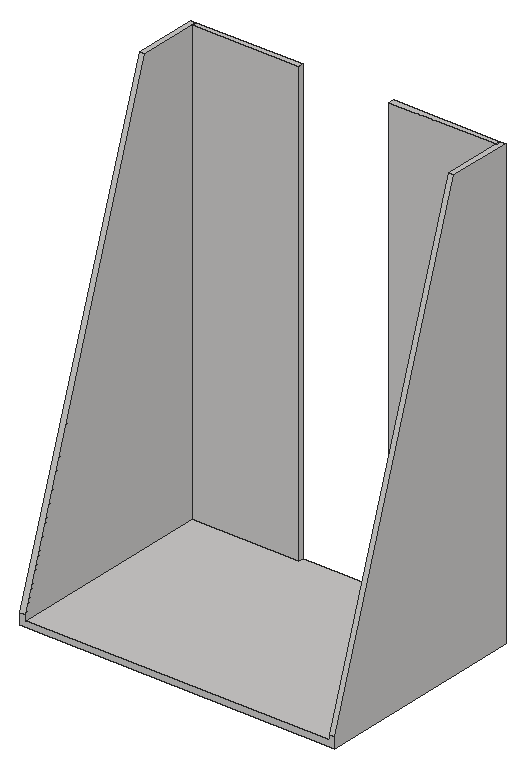
Revit family "050523 - Metal fastenings - Joist Hanger - Simpson - HUC", category Generic Models, Revit 2020
Family settings
  Can host rebar = No
  Round Connector Dimension = Use Diameter
  Part Type = Normal
  Work Plane-Based = Yes
  Always vertical = Yes
  Cut with Voids When Loaded = No
  Shared = No
  Room Calculation Point = No
Parameters (values of type "HUC46")
  W = 0' - 3 9/16"
  Top Hanger Flange - Visibility = no
  Outside Flange - Visibility = no
  Material = SIMPSON HUC46 JOIST HANGER WITH CONCEALED FLANGES
  Inside Flange - Visibility = yes
  Top Hanger Depth = 0' - 7"
  H = 0' - 5 3/16"
  Flange - Outside - Width = 0' - 1 3/4"
  Flange - Inside - Width = 0' - 1 1/4"
  Default Elevation = 4' - 0"
  B = 0' - 2 1/2"
Types (4): name | W | Top Hanger Flange - Visibility | Outside Flange - Visibility | Material | Inside Flange - Visibility | Top Hanger Depth | H | Flange - Outside - Width | Flange - Inside - Width | B
  HUC46 | 0' - 3 9/16" | no | no | SIMPSON HUC46 JOIST HANGER WITH CONCEALED FLANGES | yes | 0' - 7" | 0' - 5 3/16" | 0' - 1 3/4" | 0' - 1 1/4" | 0' - 2 1/2"
  DHU3.56/18TF | 0' - 3 9/16" | yes | yes | SIMPSON HUC46 JOIST HANGER WITH CONCEALED FLANGES | no | 0' - 3 15/16" | 1' - 5 15/16" | 0' - 2 3/16" | 0' - 1" | 0' - 2 1/2"
  HUCQ1.81/11-SDS | 0' - 1 13/16" | no | no | SIMPSON HUCQ1.81/11-SDS W/ CONCEALED FLANGES | yes | 0' - 7" | 0' - 11" | 0' - 1 3/4" | 0' - 1 1/4" | 0' - 3"
  HUCQ1.81/9-SDS | 0' - 1 13/16" | no | no | SIMPSON HUC46 JOIST HANGER WITH CONCEALED FLANGES | yes | 0' - 7" | 0' - 9" | 0' - 1 3/4" | 0' - 1 1/4" | 0' - 3"
Reference planes (in)
  plane 1 "Center (Front/Back)": y = 0
  plane 2: z = 0
  plane 3 "Center (Left/Right)": x = 0
  plane 4 "TOP BEARING": z = 5.1875
  plane 5: x = -1.78125
  plane 6: x = 1.78125
  plane 7: y = -2.5
  plane 8: x = -0.53125
  plane 9: x = 0.53125
  plane 10: y = 7
  plane 11: x = 3.53125
  plane 12: x = -3.53125
Forms (in)
  Extrusion 1, solid, material "SIMPSON HUC46 JOIST HANGER WITH CONCEALED FLANGES" <- "Material"
    sketch origin (1.78125, 6.55164, 48) x (0, 1, 0) y (0, 0, 1)
      loop
        line (-6.55164, -42.8125) -> (-7.30164, -42.8125) -> (-9.05164, -47.9375) -> (-9.05164, -48.0625) -> (-6.55164, -48.0625) -> (-6.55164, -42.8125)
    from 0.0625 to 0
  Extrusion 2, solid, material "SIMPSON HUC46 JOIST HANGER WITH CONCEALED FLANGES" <- "Material"
    sketch origin (-1.78125, 0, 0) x (0, 1, 0) y (-1, 0, 0)
      loop
        line (-2.5, 0) -> (-2.5, -3.5625) -> (0, -3.5625) -> (0, 0) -> (-2.5, 0)
    from 0 to -0.0625
  Extrusion 3, solid, material "SIMPSON HUC46 JOIST HANGER WITH CONCEALED FLANGES" <- "Material", visible <- "Inside Flange - Visibility"
    sketch origin (0, 0, 0) x (1, 0, 0) y (0, 0, 1)
      loop
        line (-1.78125, 5.1875) -> (-1.78125, 0) -> (-0.53125, 0) -> (-0.53125, 5.1875) -> (-1.78125, 5.1875)
    from 0.0625 to 0
  Extrusion 4, solid, material "SIMPSON HUC46 JOIST HANGER WITH CONCEALED FLANGES" <- "Material", visible <- "Inside Flange - Visibility"
    sketch origin (0, 0, 0) x (1, 0, 0) y (0, 0, 1)
      loop
        line (1.78125, 5.1875) -> (0.53125, 5.1875) -> (0.53125, 0) -> (1.78125, 0) -> (1.78125, 5.1875)
    from 0.0625 to 0
  Extrusion 5, solid, material "SIMPSON HUC46 JOIST HANGER WITH CONCEALED FLANGES" <- "Material"
    sketch origin (-1.78125, 6.91604, 48) x (0, 1, 0) y (0, 0, 1)
      loop
        line (-6.91604, -42.8125) -> (-7.66604, -42.8125) -> (-9.41604, -47.9375) -> (-9.41604, -48.0625) -> (-6.91604, -48.0625) -> (-6.91604, -42.8125)
    from -0.0625 to 0
  Extrusion 6, solid, material "SIMPSON HUC46 JOIST HANGER WITH CONCEALED FLANGES" <- "Material", visible <- "Top Hanger Flange - Visibility"
    sketch origin (-5.8794, -180, 5.1875) x (-1, 0, 0) y (0, -1, 0)
      loop
        line (-4.09815, -179.9375) -> (-4.09815, -187) -> (-2.34815, -187) -> (-2.34815, -179.9375) -> (-4.09815, -179.9375)
    from 0 to 0.0625
  Extrusion 7, solid, material "SIMPSON HUC46 JOIST HANGER WITH CONCEALED FLANGES" <- "Material", visible <- "Top Hanger Flange - Visibility"
    sketch origin (2, 0, 5.1875) x (-1, 0, 0) y (0, -1, 0)
      loop
        line (-1.53125, 0.0625) -> (-1.53125, -7) -> (0.21875, -7) -> (0.21875, 0.0625) -> (-1.53125, 0.0625)
    from 0 to 0.0625
  Extrusion 8, solid, material "SIMPSON HUC46 JOIST HANGER WITH CONCEALED FLANGES" <- "Material", visible <- "Top Hanger Flange - Visibility"
    sketch origin (1.38969, 0, 0) x (1, 0, 0) y (0, 0, 1)
      loop
        line (2.14156, 5.1875) -> (0.39156, 5.1875) -> (0.39156, 0) -> (0.89156, 0) -> (2.14156, 2.1875) -> (2.14156, 5.1875)
    from 0.0625 to 0
  Extrusion 9, solid, material "SIMPSON HUC46 JOIST HANGER WITH CONCEALED FLANGES" <- "Material", visible <- "Top Hanger Flange - Visibility"
    sketch origin (-3.53046, 0, 0) x (1, 0, 0) y (0, 0, 1)
      loop
        line (1.74921, 5.1875) -> (-0.00079, 5.1875) -> (-0.00079, 2.1875) -> (1.24921, 0) -> (1.74921, 0) -> (1.74921, 5.1875)
    from 0.0625 to 0
Cuts and joins
  joined: Extrusion 7, Extrusion 8
  joined: Extrusion 6, Extrusion 9
  joined: Extrusion 1, Extrusion 2, Extrusion 5
Dimensions and locks (in)
  "H": plane 4 "TOP BEARING" to level
  equal spacing: plane 5, plane 3 "Center (Left/Right)", plane 6
  "B": plane 7 to plane 1 "Center (Front/Back)"
  "W": plane 5 to plane 6
  "Flange - Inside - Width": plane 5 to plane 8
  "Flange - Inside - Width": plane 9 to plane 6
  "Top Hanger Depth": plane 1 "Center (Front/Back)" to plane 10
  "Flange - Outside - Width": plane 12 to plane 5
  "Flange - Outside - Width": plane 6 to plane 11
  aligned and locked: plane 2 to level
  aligned and locked: Extrusion 2 to plane 5
  aligned and locked: plane 6 to Extrusion 2
  aligned and locked: Extrusion 2 to plane 7
  aligned and locked: Extrusion 1 sketch curve to plane 7
  aligned and locked: Extrusion 2 to plane 1 "Center (Front/Back)"
  aligned and locked: plane 8 to Extrusion 3
  aligned and locked: Extrusion 4 to plane 9
  aligned and locked: Extrusion 6 to plane 5
  aligned and locked: plane 10 to Extrusion 6
  aligned and locked: plane 6 to Extrusion 7
  aligned and locked: plane 11 to Extrusion 7
  aligned and locked: Extrusion 6 to plane 12
  aligned and locked: Extrusion 8 to plane 6
  aligned and locked: plane 11 to Extrusion 8
  aligned and locked: plane 5 to Extrusion 9
  aligned and locked: Extrusion 9 to plane 12
Automatic sketch dimensions
  Extrusion 1 sketch curve to plane 4 "TOP BEARING" = 0' - 0"
  Extrusion 1 sketch curve to plane 1 "Center (Front/Back)" = 0' - 0"
  plane 1 "Center (Front/Back)" to Extrusion 1 sketch curve = 0' - 0 3/4"
  level to Extrusion 1 sketch curve = 0' - 0 1/16"
  Extrusion 1 sketch curve to level = 0' - 0 1/16"
  Extrusion 2 sketch curve to plane 6 = 0' - 0"
  Extrusion 2 sketch curve to plane 7 = 0' - 0"
  plane 1 "Center (Front/Back)" to Extrusion 2 sketch curve = 0' - 0"
  Extrusion 2 sketch curve to plane 5 = 0' - 0"
  Extrusion 3 sketch curve to level = 0' - 0"
  Extrusion 3 sketch curve to plane 4 "TOP BEARING" = 0' - 0"
  Extrusion 3 sketch curve to plane 8 = 0' - 0"
  Extrusion 3 sketch curve to plane 5 = 0' - 0"
  Extrusion 4 sketch curve to plane 4 "TOP BEARING" = 0' - 0"
  Extrusion 4 sketch curve to plane 9 = 0' - 0"
  Extrusion 4 sketch curve to plane 6 = 0' - 0"
  Extrusion 4 sketch curve to level = 0' - 0"
  Extrusion 5 sketch curve to plane 7 = 0' - 0"
  Extrusion 5 sketch curve to plane 4 "TOP BEARING" = 0' - 0"
  Extrusion 5 sketch curve to plane 1 "Center (Front/Back)" = 0' - 0"
  plane 1 "Center (Front/Back)" to Extrusion 5 sketch curve = 0' - 0 3/4"
  level to Extrusion 5 sketch curve = 0' - 0 1/16"
  Extrusion 5 sketch curve to level = 0' - 0 1/16"
  Extrusion 7 sketch curve to plane 10 = 0' - 0"
  Extrusion 7 sketch curve to plane 11 = 0' - 0"
  Extrusion 7 sketch curve to plane 6 = 0' - 0"
  plane 1 "Center (Front/Back)" to Extrusion 7 sketch curve = 0' - 0 1/16"
  Extrusion 6 sketch curve to plane 5 = 0' - 0"
  Extrusion 6 sketch curve to plane 10 = 0' - 0"
  Extrusion 6 sketch curve to plane 12 = 0' - 0"
  plane 1 "Center (Front/Back)" to Extrusion 6 sketch curve = 0' - 0 1/16"
  Extrusion 8 sketch curve to plane 4 "TOP BEARING" = 0' - 0"
  Extrusion 8 sketch curve to plane 6 = 0' - 0"
  Extrusion 8 sketch curve to level = 0' - 0"
  Extrusion 8 sketch curve to plane 11 = 0' - 0"
  plane 6 to Extrusion 8 sketch curve = 0' - 0 1/2"
  Extrusion 8 sketch curve to plane 4 "TOP BEARING" = 0' - 3"
  Extrusion 9 sketch curve to plane 4 "TOP BEARING" = 0' - 0"
  Extrusion 9 sketch curve to plane 12 = 0' - 0"
  Extrusion 9 sketch curve to level = 0' - 0"
  Extrusion 9 sketch curve to plane 5 = 0' - 0"
  Extrusion 9 sketch curve to plane 5 = 0' - 0 1/2"
  Extrusion 9 sketch curve to plane 4 "TOP BEARING" = 0' - 3"
